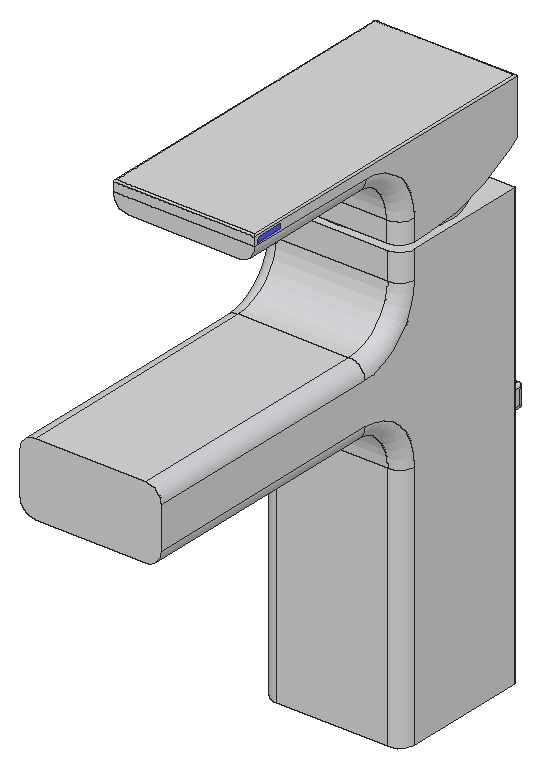
Revit family "Faucet-Lavatory-KOHLER-STRAYT-K-37327T_1", category Plumbing Fixtures, host Face, Revit 2017 (continued)
Definition of nested family "K-37327T"
  Lines and regions (in)
    symbolic lines, visible <- "K-37327T-4DPW", detail levels medium+fine
      curve 903: arc (0.07933, 0.74623, 0) -> (0.08524, 0.76071, 0) -> (0.07282, 0.77021, 0) r 0.01288
      curve 904: arc (-0.21073, 0.77021, 0) -> (-0.23228, 0.75078, 0) -> (-0.21517, 0.72734, 0) r 0.02167
      curve 905: arc (-0.28203, 0.7278, 0) -> (-0.27002, 0.75289, 0) -> (-0.29178, 0.77021, 0) r 0.02233
      curve 906: arc (-0.64142, 0.58618, 0) -> (-0.6296, 0.56937, 0) -> (-0.60905, 0.569, 0) r 0.02269
      curve 907: arc (-0.64018, 0.77021, 0) -> (-0.6583, 0.76193, 0) -> (-0.66392, 0.74282, 0) r 0.02399
      curve 908: arc (0.78156, 0.01873, 0) -> (0.77157, 0.03552, 0) -> (0.75205, 0.03475, 0) r 0.01911
      curve 909: arc (0.75899, -0.05721, 0) -> (0.77466, -0.05323, 0) -> (0.78156, -0.03861, 0) r 0.01895
      curve 910: arc (0.67187, -0.0173, 0) -> (0.66613, -0.03081, 0) -> (0.67651, -0.04118, 0) r 0.01312
      curve 911: arc (0.57141, -0.02076, 0) -> (0.58832, -0.02076, 0) -> (0.604, -0.01443, 0) r 0.04432
      curve 912: arc (0.47116, 0.01742, 0) -> (0.4845, 0.00107, 0) -> (0.50374, -0.00761, 0) r 0.04597
      curve 913: arc (0.72795, 0.06605, 0) -> (0.735, 0.08021, 0) -> (0.726, 0.09323, 0) r 0.01556
      curve 914: arc (0.38403, 0.25094, 0) -> (0.36887, 0.24815, 0) -> (0.36639, 0.23294, 0) r 0.01338
      curve 915: arc (0.35797, 0.05854, 0) -> (0.38618, 0.06476, 0) -> (0.39049, 0.09332, 0) r 0.0255
      curve 916: arc (0.23522, 0.12467, 0) -> (0.24401, 0.10904, 0) -> (0.25871, 0.09878, 0) r 0.0403
      curve 917: arc (0.30098, 0.27746, 0) -> (0.29155, 0.29056, 0) -> (0.27826, 0.29972, 0) r 0.04727
      curve 918: arc (0.19868, 0.33642, 0) -> (0.18241, 0.33412, 0) -> (0.1778, 0.31835, 0) r 0.01515
      curve 919: arc (0.16486, 0.13683, 0) -> (0.18075, 0.13965, 0) -> (0.1851, 0.1552, 0) r 0.01517
      curve 920: arc (0.018, 0.22294, 0) -> (0.00866, 0.20995, 0) -> (0.01746, 0.19659, 0) r 0.0141
      curve 921: arc (0.15855, 0.24478, 0) -> (0.1457, 0.2602, 0) -> (0.12567, 0.26146, 0) r 0.02538
      curve 922: arc (0.11239, 0.29853, 0) -> (0.12941, 0.31353, 0) -> (0.13147, 0.33613, 0) r 0.03068
      curve 923: arc (-0.05924, 0.3289, 0) -> (-0.05852, 0.27271, 0) -> (-0.00468, 0.25664, 0) r 0.04744
      curve 924: arc (0.09048, 0.47438, 0) -> (0.07223, 0.49054, 0) -> (0.04971, 0.48123, 0) r 0.02301
      curve 925: arc (-0.16932, 0.3808, 0) -> (-0.13366, 0.34255, 0) -> (-0.08471, 0.36096, 0) r 0.04699
      curve 926: arc (-0.10051, 0.22234, 0) -> (-0.08862, 0.23625, 0) -> (-0.09457, 0.25355, 0) r 0.01843
      curve 927: arc (-0.28387, 0.41964, 0) -> (-0.30403, 0.42479, 0) -> (-0.32008, 0.41154, 0) r 0.02297
      curve 928: arc (-0.25759, 0.44896, 0) -> (-0.23376, 0.44639, 0) -> (-0.22329, 0.46794, 0) r 0.02083
      curve 929: arc (0.08181, 0.59379, 0) -> (0.08438, 0.61431, 0) -> (0.0686, 0.62767, 0) r 0.02172
      curve 930: arc (-0.18466, 0.68073, 0) -> (-0.20623, 0.67457, 0) -> (-0.21337, 0.65331, 0) r 0.02408
      curve 931: arc (-0.25445, 0.66071, 0) -> (-0.26794, 0.67937, 0) -> (-0.29097, 0.67969, 0) r 0.02565
      curve 932: arc (-0.41333, 0.62027, 0) -> (-0.42373, 0.6059, 0) -> (-0.41751, 0.58928, 0) r 0.01877
      curve 933: arc (-0.34669, 0.44906, 0) -> (-0.34505, 0.46622, 0) -> (-0.35385, 0.48105, 0) r 0.0278
      curve 934: arc (-0.46062, 0.57473, 0) -> (-0.47807, 0.58268, 0) -> (-0.49701, 0.57964, 0) r 0.03319
      curve 935: arc (-0.61192, 0.52384, 0) -> (-0.62497, 0.51125, 0) -> (-0.62809, 0.49338, 0) r 0.02924
      curve 936: arc (-0.61009, 0.36804, 0) -> (-0.60413, 0.35354, 0) -> (-0.592, 0.3436, 0) r 0.03205
      curve 937: arc (-0.55138, 0.32451, 0) -> (-0.53554, 0.32052, 0) -> (-0.51935, 0.32276, 0) r 0.04276
      curve 938: arc (-0.39808, 0.36429, 0) -> (-0.38361, 0.37292, 0) -> (-0.37385, 0.38665, 0) r 0.04086
      curve 939: arc (-0.67928, 0.38461, 0) -> (-0.66166, 0.38636, 0) -> (-0.65484, 0.4027, 0) r 0.01727
      curve 940: arc (-0.78543, 0.45368, 0) -> (-0.78073, 0.43748, 0) -> (-0.76807, 0.42633, 0) r 0.03021
      curve 941: arc (-0.70492, 0.75133, 0) -> (-0.71229, 0.76483, 0) -> (-0.72671, 0.77021, 0) r 0.02202
      curve 942: arc (-0.76382, 0.77021, 0) -> (-0.7791, 0.76388, 0) -> (-0.78543, 0.74859, 0) r 0.02162
      curve 943: arc (-0.41406, 0.19555, 0) -> (-0.40515, 0.1439, 0) -> (-0.35421, 0.13156, 0) r 0.04773
      curve 944: arc (-0.55325, 0.04765, 0) -> (-0.53397, 0.04198, 0) -> (-0.51832, 0.05459, 0) r 0.02167
      curve 945: arc (-0.41761, 0.28607, 0) -> (-0.42068, 0.30428, 0) -> (-0.43858, 0.30881, 0) r 0.0169
      curve 946: arc (-0.69682, 0.22036, 0) -> (-0.70777, 0.20812, 0) -> (-0.70305, 0.19239, 0) r 0.0168
      curve 947: line (0.48979, -1.01349, 0) -> (0.30048, -0.8474, 0)
      curve 948: line (0.23014, -1.13548, 0) -> (0.48384, -1.0447, 0)
      curve 949: line (0.26427, -0.8555, 0) -> (0.17029, -1.07149, 0)
      curve 950: arc (0.48384, -1.0447, 0) -> (0.49573, -1.0308, 0) -> (0.48979, -1.01349, 0) r 0.01843
      curve 951: arc (0.30048, -0.8474, 0) -> (0.28032, -0.84225, 0) -> (0.26427, -0.8555, 0) r 0.02297
      curve 952: arc (0.17029, -1.07149, 0) -> (0.1792, -1.12314, 0) -> (0.23014, -1.13548, 0) r 0.04773
      curve 953: line (0.03268, -0.30942, 0) -> (-0.15662, -0.14332, 0)
      curve 954: line (-0.22696, -0.4314, 0) -> (0.02674, -0.34062, 0)
      curve 955: line (-0.19283, -0.15142, 0) -> (-0.28681, -0.36742, 0)
      curve 956: arc (0.02674, -0.34062, 0) -> (0.03863, -0.32672, 0) -> (0.03268, -0.30942, 0) r 0.01843
      curve 957: arc (-0.15662, -0.14332, 0) -> (-0.17678, -0.13817, 0) -> (-0.19283, -0.15142, 0) r 0.02297
      curve 958: arc (-0.28681, -0.36742, 0) -> (-0.2779, -0.41907, 0) -> (-0.22696, -0.4314, 0) r 0.04773
      curve 959: line (0.64507, -0.44574, 0) -> (0.45577, -0.27965, 0)
      curve 960: line (0.38543, -0.56773, 0) -> (0.63912, -0.47695, 0)
      curve 961: line (0.41955, -0.28775, 0) -> (0.32558, -0.50374, 0)
      curve 962: arc (0.63912, -0.47695, 0) -> (0.65102, -0.46304, 0) -> (0.64507, -0.44574, 0) r 0.01843
      curve 963: arc (0.45577, -0.27965, 0) -> (0.4356, -0.2745, 0) -> (0.41955, -0.28775, 0) r 0.02297
      curve 964: arc (0.32558, -0.50374, 0) -> (0.33449, -0.55539, 0) -> (0.38543, -0.56773, 0) r 0.04773
      curve 965: line (-0.44024, -0.67308, 0) -> (-0.62954, -0.50699, 0)
      curve 966: line (-0.69988, -0.79507, 0) -> (-0.44619, -0.70429, 0)
      curve 967: line (-0.66576, -0.51509, 0) -> (-0.75973, -0.73109, 0)
      curve 968: arc (-0.44619, -0.70429, 0) -> (-0.43429, -0.69039, 0) -> (-0.44024, -0.67308, 0) r 0.01843
      curve 969: arc (-0.62954, -0.50699, 0) -> (-0.64971, -0.50184, 0) -> (-0.66576, -0.51509, 0) r 0.02297
      curve 970: arc (-0.75973, -0.73109, 0) -> (-0.75082, -0.78274, 0) -> (-0.69988, -0.79507, 0) r 0.04773
      curve 971: line (0.65575, -0.9878, 0) -> (0.75573, -1.03391, 0)
      curve 972: line (0.78156, -1.01738, 0) -> (0.78156, -0.76283, 0)
      curve 973: line (0.75942, -0.75713, 0) -> (0.64697, -0.96104, 0)
      curve 974: arc (0.75573, -1.03391, 0) -> (0.77317, -1.03271, 0) -> (0.78156, -1.01738, 0) r 0.0182
      curve 975: arc (0.64697, -0.96104, 0) -> (0.64553, -0.97633, 0) -> (0.65575, -0.9878, 0) r 0.01924
      curve 976: arc (0.78156, -0.76283, 0) -> (0.7727, -0.7514, 0) -> (0.75942, -0.75713, 0) r 0.0118
      curve 977: line (0.62488, -0.78307, 0) -> (0.59732, -0.63135, 0)
      curve 978: line (0.4619, -0.79457, 0) -> (0.55589, -0.83791, 0)
      curve 979: line (0.40131, -0.63373, 0) -> (0.44225, -0.77186, 0)
      curve 980: line (0.5711, -0.60442, 0) -> (0.45617, -0.58034, 0)
      curve 981: arc (0.59732, -0.63135, 0) -> (0.58832, -0.61389, 0) -> (0.5711, -0.60442, 0) r 0.03366
      curve 982: arc (0.45617, -0.58034, 0) -> (0.43893, -0.58177, 0) -> (0.42528, -0.59238, 0) r 0.03032
      curve 983: arc (0.42528, -0.59238, 0) -> (0.41068, -0.61154, 0) -> (0.40131, -0.63373, 0) r 0.09602
      curve 984: arc (0.62488, -0.78307, 0) -> (0.59428, -0.81538, 0) -> (0.55589, -0.83791, 0) r 0.15851
      curve 985: arc (0.44225, -0.77186, 0) -> (0.44963, -0.78534, 0) -> (0.4619, -0.79457, 0) r 0.03639
      curve 986: line (-0.4937, -1.06331, 0) -> (-0.52126, -0.91159, 0)
      curve 987: line (-0.65668, -1.0748, 0) -> (-0.56269, -1.11815, 0)
      curve 988: line (-0.71727, -0.91397, 0) -> (-0.67633, -1.0521, 0)
      curve 989: line (-0.54747, -0.88466, 0) -> (-0.66241, -0.86058, 0)
      curve 990: arc (-0.52126, -0.91159, 0) -> (-0.53026, -0.89412, 0) -> (-0.54747, -0.88466, 0) r 0.03366
      curve 991: arc (-0.66241, -0.86058, 0) -> (-0.67965, -0.86201, 0) -> (-0.6933, -0.87262, 0) r 0.03032
      curve 992: arc (-0.6933, -0.87262, 0) -> (-0.7079, -0.89178, 0) -> (-0.71727, -0.91397, 0) r 0.09602
      curve 993: arc (-0.4937, -1.06331, 0) -> (-0.5243, -1.09562, 0) -> (-0.56269, -1.11815, 0) r 0.15851
      curve 994: arc (-0.67633, -1.0521, 0) -> (-0.66895, -1.06557, 0) -> (-0.65668, -1.0748, 0) r 0.03639
      curve 995: line (-0.14014, -0.70975, 0) -> (-0.16771, -0.55803, 0)
      curve 996: line (-0.30312, -0.72125, 0) -> (-0.20913, -0.7646, 0)
      curve 997: line (-0.36372, -0.56042, 0) -> (-0.32277, -0.69855, 0)
      curve 998: line (-0.19392, -0.53111, 0) -> (-0.30886, -0.50703, 0)
      curve 999: arc (-0.16771, -0.55803, 0) -> (-0.1767, -0.54057, 0) -> (-0.19392, -0.53111, 0) r 0.03366
      curve 1000: arc (-0.30886, -0.50703, 0) -> (-0.32609, -0.50846, 0) -> (-0.33974, -0.51907, 0) r 0.03032
      curve 1001: arc (-0.33974, -0.51907, 0) -> (-0.35435, -0.53823, 0) -> (-0.36372, -0.56042, 0) r 0.09602
      curve 1002: arc (-0.14014, -0.70975, 0) -> (-0.17075, -0.74207, 0) -> (-0.20913, -0.7646, 0) r 0.15851
      curve 1003: arc (-0.32277, -0.69855, 0) -> (-0.3154, -0.71202, 0) -> (-0.30312, -0.72125, 0) r 0.03639
      curve 1004: line (0.40613, -0.74493, 0) -> (0.3185, -0.6427, 0)
      curve 1005: line (0.27764, -0.66215, 0) -> (0.30493, -0.81235, 0)
      curve 1006: line (0.34257, -0.8265, 0) -> (0.40292, -0.77853, 0)
      curve 1007: arc (0.40292, -0.77853, 0) -> (0.41167, -0.76241, 0) -> (0.40613, -0.74493, 0) r 0.02344
      curve 1008: arc (0.30493, -0.81235, 0) -> (0.31974, -0.83009, 0) -> (0.34257, -0.8265, 0) r 0.02344
      curve 1009: arc (0.3185, -0.6427, 0) -> (0.29063, -0.6368, 0) -> (0.27764, -0.66215, 0) r 0.02344
      curve 1010: line (0.00346, -0.59837, 0) -> (-0.08417, -0.49615, 0)
      curve 1011: line (-0.12503, -0.51559, 0) -> (-0.09774, -0.66579, 0)
      curve 1012: line (-0.0601, -0.67994, 0) -> (0.00025, -0.63197, 0)
      curve 1013: arc (0.00025, -0.63197, 0) -> (0.009, -0.61585, 0) -> (0.00346, -0.59837, 0) r 0.02344
      curve 1014: arc (-0.09774, -0.66579, 0) -> (-0.08293, -0.68354, 0) -> (-0.0601, -0.67994, 0) r 0.02344
      curve 1015: arc (-0.08417, -0.49615, 0) -> (-0.11204, -0.49024, 0) -> (-0.12503, -0.51559, 0) r 0.02344
      curve 1016: line (-0.28085, -0.88268, 0) -> (-0.36849, -0.78046, 0)
      curve 1017: line (-0.40934, -0.7999, 0) -> (-0.38206, -0.9501, 0)
      curve 1018: line (-0.34441, -0.96426, 0) -> (-0.28406, -0.91628, 0)
      curve 1019: arc (-0.28406, -0.91628, 0) -> (-0.27531, -0.90016, 0) -> (-0.28085, -0.88268, 0) r 0.02344
      curve 1020: arc (-0.38206, -0.9501, 0) -> (-0.36725, -0.96785, 0) -> (-0.34441, -0.96426, 0) r 0.02344
      curve 1021: arc (-0.36849, -0.78046, 0) -> (-0.39635, -0.77455, 0) -> (-0.40934, -0.7999, 0) r 0.02344
      curve 1022: line (-0.44931, -0.41191, 0) -> (-0.53694, -0.30969, 0)
      curve 1023: line (-0.5778, -0.32914, 0) -> (-0.55051, -0.47933, 0)
      curve 1024: line (-0.51287, -0.49349, 0) -> (-0.45252, -0.44552, 0)
      curve 1025: arc (-0.45252, -0.44552, 0) -> (-0.44377, -0.4294, 0) -> (-0.44931, -0.41191, 0) r 0.02344
      curve 1026: arc (-0.55051, -0.47933, 0) -> (-0.5357, -0.49708, 0) -> (-0.51287, -0.49349, 0) r 0.02344
      curve 1027: arc (-0.53694, -0.30969, 0) -> (-0.56481, -0.30379, 0) -> (-0.5778, -0.32914, 0) r 0.02344
      curve 1028: line (-0.16117, 0.01316, 0) -> (-0.24881, 0.11538, 0)
      curve 1029: line (-0.28966, 0.09594, 0) -> (-0.26237, -0.05426, 0)
      curve 1030: line (-0.22473, -0.06842, 0) -> (-0.16438, -0.02044, 0)
      curve 1031: arc (-0.16438, -0.02044, 0) -> (-0.15563, -0.00432, 0) -> (-0.16117, 0.01316, 0) r 0.02344
      curve 1032: arc (-0.26237, -0.05426, 0) -> (-0.24756, -0.07201, 0) -> (-0.22473, -0.06842, 0) r 0.02344
      curve 1033: arc (-0.24881, 0.11538, 0) -> (-0.27667, 0.12129, 0) -> (-0.28966, 0.09594, 0) r 0.02344
      curve 1034: line (0.61815, -0.9629, 0) -> (0.53052, -0.86067, 0)
      curve 1035: line (0.48966, -0.88012, 0) -> (0.51695, -1.03032, 0)
      curve 1036: line (0.55459, -1.04447, 0) -> (0.61494, -0.9965, 0)
      curve 1037: arc (0.61494, -0.9965, 0) -> (0.62369, -0.98038, 0) -> (0.61815, -0.9629, 0) r 0.02344
      curve 1038: arc (0.51695, -1.03032, 0) -> (0.53176, -1.04806, 0) -> (0.55459, -1.04447, 0) r 0.02344
      curve 1039: arc (0.53052, -0.86067, 0) -> (0.50265, -0.85477, 0) -> (0.48966, -0.88012, 0) r 0.02344
      curve 1040: line (0.65575, -0.36266, 0) -> (0.75573, -0.40876, 0)
      curve 1041: line (0.78156, -0.39224, 0) -> (0.78156, -0.13768, 0)
      curve 1042: line (0.75942, -0.13199, 0) -> (0.64697, -0.3359, 0)
      curve 1043: arc (0.75573, -0.40876, 0) -> (0.77317, -0.40757, 0) -> (0.78156, -0.39224, 0) r 0.0182
      curve 1044: arc (0.64697, -0.3359, 0) -> (0.64553, -0.35119, 0) -> (0.65575, -0.36266, 0) r 0.01924
      curve 1045: arc (0.78156, -0.13768, 0) -> (0.7727, -0.12626, 0) -> (0.75942, -0.13199, 0) r 0.0118
      curve 1046: line (-0.62197, 0.07188, 0) -> (-0.72195, 0.11799, 0)
      curve 1047: line (-0.74777, 0.10146, 0) -> (-0.74777, -0.15309, 0)
      curve 1048: line (-0.72564, -0.15879, 0) -> (-0.61318, 0.04512, 0)
      curve 1049: arc (-0.72195, 0.11799, 0) -> (-0.73938, 0.11679, 0) -> (-0.74777, 0.10146, 0) r 0.0182
      curve 1050: arc (-0.61318, 0.04512, 0) -> (-0.61175, 0.06041, 0) -> (-0.62197, 0.07188, 0) r 0.01924
      curve 1051: arc (-0.74777, -0.15309, 0) -> (-0.73891, -0.16452, 0) -> (-0.72564, -0.15879, 0) r 0.0118
      curve 1052: line (-0.65741, -0.29653, 0) -> (-0.75739, -0.25042, 0)
      curve 1053: line (-0.78321, -0.26695, 0) -> (-0.78321, -0.5215, 0)
      curve 1054: line (-0.76107, -0.5272, 0) -> (-0.64862, -0.32329, 0)
      curve 1055: arc (-0.75739, -0.25042, 0) -> (-0.77482, -0.25162, 0) -> (-0.78321, -0.26695, 0) r 0.0182
      curve 1056: arc (-0.64862, -0.32329, 0) -> (-0.64719, -0.308, 0) -> (-0.65741, -0.29653, 0) r 0.01924
      curve 1057: arc (-0.78321, -0.5215, 0) -> (-0.77435, -0.53293, 0) -> (-0.76107, -0.5272, 0) r 0.0118
      curve 1058: line (0.299, 0.02472, 0) -> (-0.04297, 0.18243, 0)
      curve 1059: line (0.177, -0.08293, 0) -> (0.30096, -0.00245, 0)
      curve 1060: line (-0.0606, 0.16444, 0) -> (0.04416, -0.05108, 0)
      curve 1061: line (0.07674, -0.07611, 0) -> (0.14441, -0.08926, 0)
      curve 1062: arc (0.14441, -0.08926, 0) -> (0.16132, -0.08926, 0) -> (0.177, -0.08293, 0) r 0.04432
      curve 1063: arc (0.04416, -0.05108, 0) -> (0.0575, -0.06744, 0) -> (0.07674, -0.07611, 0) r 0.04597
      curve 1064: arc (0.30096, -0.00245, 0) -> (0.308, 0.01171, 0) -> (0.299, 0.02472, 0) r 0.01556
      curve 1065: arc (-0.04297, 0.18243, 0) -> (-0.05813, 0.17965, 0) -> (-0.0606, 0.16444, 0) r 0.01338
      curve 1066: line (0.29841, -0.49889, 0) -> (0.04052, -0.37995, 0)
      curve 1067: line (0.1764, -0.60654, 0) -> (0.30036, -0.52606, 0)
      curve 1068: line (-0.02072, -0.44245, 0) -> (0.04357, -0.57469, 0)
      curve 1069: line (0.07614, -0.59972, 0) -> (0.14382, -0.61287, 0)
      curve 1070: arc (0.14382, -0.61287, 0) -> (0.16073, -0.61287, 0) -> (0.1764, -0.60654, 0) r 0.04432
      curve 1071: arc (0.04357, -0.57469, 0) -> (0.0569, -0.59105, 0) -> (0.07614, -0.59972, 0) r 0.04597
      curve 1072: arc (0.30036, -0.52606, 0) -> (0.30741, -0.5119, 0) -> (0.29841, -0.49889, 0) r 0.01556
      curve 1073: arc (0.04052, -0.37995, 0) -> (-0.01212, -0.38962, 0) -> (-0.02072, -0.44245, 0) r 0.04646
      curve 1074: line (-0.29453, -0.10689, 0) -> (-0.57106, 0.02064, 0)
      curve 1075: line (-0.41654, -0.21454, 0) -> (-0.29258, -0.13407, 0)
      curve 1076: line (-0.62263, -0.03199, 0) -> (-0.54937, -0.1827, 0)
      curve 1077: line (-0.51679, -0.20773, 0) -> (-0.44912, -0.22088, 0)
      curve 1078: arc (-0.44912, -0.22088, 0) -> (-0.43221, -0.22088, 0) -> (-0.41654, -0.21454, 0) r 0.04432
      curve 1079: arc (-0.54937, -0.1827, 0) -> (-0.53603, -0.19905, 0) -> (-0.51679, -0.20773, 0) r 0.04597
      curve 1080: arc (-0.29258, -0.13407, 0) -> (-0.28553, -0.1199, 0) -> (-0.29453, -0.10689, 0) r 0.01556
      curve 1081: arc (-0.57106, 0.02064, 0) -> (-0.61539, 0.01249, 0) -> (-0.62263, -0.03199, 0) r 0.03912
      curve 1082: line (0.12401, -0.96701, 0) -> (-0.21795, -0.8093, 0)
      curve 1083: line (0.00201, -1.07466, 0) -> (0.12597, -0.99419, 0)
      curve 1084: line (-0.23559, -0.8273, 0) -> (-0.13082, -1.04282, 0)
      curve 1085: line (-0.09825, -1.06785, 0) -> (-0.03057, -1.081, 0)
      curve 1086: arc (-0.03057, -1.081, 0) -> (-0.01367, -1.081, 0) -> (0.00201, -1.07466, 0) r 0.04432
      curve 1087: arc (-0.13082, -1.04282, 0) -> (-0.11749, -1.05917, 0) -> (-0.09825, -1.06785, 0) r 0.04597
      curve 1088: arc (0.12597, -0.99419, 0) -> (0.13302, -0.98002, 0) -> (0.12401, -0.96701, 0) r 0.01556
      curve 1089: arc (-0.21795, -0.8093, 0) -> (-0.23311, -0.81208, 0) -> (-0.23559, -0.8273, 0) r 0.01338
      curve 1090: line (-0.00257, -0.14506, 0) -> (-0.02912, -0.05547, 0)
      curve 1091: line (-0.17021, -0.10367, 0) -> (-0.02281, -0.16343, 0)
      curve 1092: line (-0.062, -0.03879, 0) -> (-0.16966, -0.07732, 0)
      curve 1093: arc (-0.02281, -0.16343, 0) -> (-0.00692, -0.1606, 0) -> (-0.00257, -0.14506, 0) r 0.01517
      curve 1094: arc (-0.16966, -0.07732, 0) -> (-0.17901, -0.09031, 0) -> (-0.17021, -0.10367, 0) r 0.0141
      curve 1095: arc (-0.02912, -0.05547, 0) -> (-0.04197, -0.04006, 0) -> (-0.062, -0.03879, 0) r 0.02538
      curve 1096: line (-0.31182, -0.0205, 0) -> (-0.33838, 0.06909, 0)
      curve 1097: line (-0.47947, 0.02089, 0) -> (-0.33207, -0.03887, 0)
      curve 1098: line (-0.37126, 0.08577, 0) -> (-0.47892, 0.04724, 0)
      curve 1099: arc (-0.33207, -0.03887, 0) -> (-0.31617, -0.03604, 0) -> (-0.31182, -0.0205, 0) r 0.01517
      curve 1100: arc (-0.47892, 0.04724, 0) -> (-0.48827, 0.03425, 0) -> (-0.47947, 0.02089, 0) r 0.0141
      curve 1101: arc (-0.33838, 0.06909, 0) -> (-0.35123, 0.0845, 0) -> (-0.37126, 0.08577, 0) r 0.02538
      curve 1102: line (-0.11, 0.15591, 0) -> (-0.06256, 0.05832, 0)
      curve 1103: line (-0.06379, 0.02364, 0) -> (-0.08249, -0.00875, 0)
      curve 1104: line (-0.11192, -0.01093, 0) -> (-0.20127, 0.10146, 0)
      curve 1105: line (-0.19419, 0.13866, 0) -> (-0.14541, 0.16678, 0)
      curve 1106: arc (-0.14541, 0.16678, 0) -> (-0.12534, 0.16905, 0) -> (-0.11, 0.15591, 0) r 0.02532
      curve 1107: arc (-0.06256, 0.05832, 0) -> (-0.05886, 0.04082, 0) -> (-0.06379, 0.02364, 0) r 0.03701
      curve 1108: arc (-0.08249, -0.00875, 0) -> (-0.09663, -0.01763, 0) -> (-0.11192, -0.01093, 0) r 0.01785
      curve 1109: arc (-0.20127, 0.10146, 0) -> (-0.20625, 0.12168, 0) -> (-0.19419, 0.13866, 0) r 0.02499
      curve 1110: line (0.26083, -0.32021, 0) -> (0.23327, -0.16849, 0)
      curve 1111: line (0.09785, -0.33171, 0) -> (0.19184, -0.37506, 0)
      curve 1112: line (0.03725, -0.17088, 0) -> (0.0782, -0.30901, 0)
      curve 1113: line (0.20705, -0.14157, 0) -> (0.09211, -0.11749, 0)
      curve 1114: arc (0.23327, -0.16849, 0) -> (0.22427, -0.15103, 0) -> (0.20705, -0.14157, 0) r 0.03366
      curve 1115: arc (0.09211, -0.11749, 0) -> (0.07488, -0.11892, 0) -> (0.06123, -0.12953, 0) r 0.03032
      curve 1116: arc (0.06123, -0.12953, 0) -> (0.04663, -0.14869, 0) -> (0.03725, -0.17088, 0) r 0.09602
      curve 1117: arc (0.26083, -0.32021, 0) -> (0.23022, -0.35253, 0) -> (0.19184, -0.37506, 0) r 0.15851
      curve 1118: arc (0.0782, -0.30901, 0) -> (0.08557, -0.32248, 0) -> (0.09785, -0.33171, 0) r 0.03639
      curve 1119: line (-0.30246, -0.34824, 0) -> (-0.32826, -0.26119, 0)
      curve 1120: line (-0.46644, -0.30834, 0) -> (-0.3227, -0.36661, 0)
      curve 1121: line (-0.36114, -0.2445, 0) -> (-0.46589, -0.28199, 0)
      curve 1122: arc (-0.3227, -0.36661, 0) -> (-0.30681, -0.36379, 0) -> (-0.30246, -0.34824, 0) r 0.01517
      curve 1123: arc (-0.46589, -0.28199, 0) -> (-0.47524, -0.29498, 0) -> (-0.46644, -0.30834, 0) r 0.0141
      curve 1124: arc (-0.32826, -0.26119, 0) -> (-0.34111, -0.24577, 0) -> (-0.36114, -0.2445, 0) r 0.02538
      curve 1125: line (0.2476, -0.75685, 0) -> (0.22104, -0.66727, 0)
      curve 1126: line (0.07995, -0.71547, 0) -> (0.22736, -0.77522, 0)
      curve 1127: line (0.18816, -0.65059, 0) -> (0.0805, -0.68911, 0)
      curve 1128: arc (0.22736, -0.77522, 0) -> (0.24325, -0.7724, 0) -> (0.2476, -0.75685, 0) r 0.01517
      curve 1129: arc (0.0805, -0.68911, 0) -> (0.07115, -0.7021, 0) -> (0.07995, -0.71547, 0) r 0.0141
      curve 1130: arc (0.22104, -0.66727, 0) -> (0.20819, -0.65185, 0) -> (0.18816, -0.65059, 0) r 0.02538
      curve 1131: line (0.04349, -0.82989, 0) -> (0.01693, -0.74031, 0)
      curve 1132: line (-0.12416, -0.7885, 0) -> (0.02324, -0.84826, 0)
      curve 1133: line (-0.01595, -0.72363, 0) -> (-0.12361, -0.76215, 0)
      curve 1134: arc (0.02324, -0.84826, 0) -> (0.03914, -0.84544, 0) -> (0.04349, -0.82989, 0) r 0.01517
      curve 1135: arc (-0.12361, -0.76215, 0) -> (-0.13296, -0.77514, 0) -> (-0.12416, -0.7885, 0) r 0.0141
      curve 1136: arc (0.01693, -0.74031, 0) -> (0.00408, -0.72489, 0) -> (-0.01595, -0.72363, 0) r 0.02538
      curve 1137: line (0.34835, -0.03248, 0) -> (0.4005, -0.20841, 0)
      curve 1138: line (0.55158, -0.23806, 0) -> (0.47152, -0.07338, 0)
      curve 1139: line (0.44881, -0.05112, 0) -> (0.36922, -0.01442, 0)
      curve 1140: line (0.42399, -0.2343, 0) -> (0.51906, -0.27284, 0)
      curve 1141: arc (0.51906, -0.27284, 0) -> (0.54727, -0.26662, 0) -> (0.55158, -0.23806, 0) r 0.0255
      curve 1142: arc (0.4005, -0.20841, 0) -> (0.40929, -0.22403, 0) -> (0.42399, -0.2343, 0) r 0.0403
      curve 1143: arc (0.47152, -0.07338, 0) -> (0.46209, -0.06028, 0) -> (0.44881, -0.05112, 0) r 0.04727
      curve 1144: arc (0.36922, -0.01442, 0) -> (0.35296, -0.01672, 0) -> (0.34835, -0.03248, 0) r 0.01515
      curve 1145: line (0.67832, -0.17223, 0) -> (0.59068, -0.07001, 0)
      curve 1146: line (0.54983, -0.08945, 0) -> (0.57712, -0.23965, 0)
      curve 1147: line (0.61476, -0.25381, 0) -> (0.67511, -0.20583, 0)
      curve 1148: arc (0.67511, -0.20583, 0) -> (0.68386, -0.18971, 0) -> (0.67832, -0.17223, 0) r 0.02344
      curve 1149: arc (0.57712, -0.23965, 0) -> (0.59193, -0.2574, 0) -> (0.61476, -0.25381, 0) r 0.02344
      curve 1150: arc (0.59068, -0.07001, 0) -> (0.56282, -0.0641, 0) -> (0.54983, -0.08945, 0) r 0.02344
      curve 1151: line (0.30282, -0.29932, 0) -> (0.37278, -0.23739, 0)
      curve 1152: line (0.26948, -0.12989, 0) -> (0.27761, -0.28874, 0)
      curve 1153: line (0.37401, -0.20055, 0) -> (0.29359, -0.11925, 0)
      curve 1154: arc (0.27761, -0.28874, 0) -> (0.28689, -0.30195, 0) -> (0.30282, -0.29932, 0) r 0.01517
      curve 1155: arc (0.29359, -0.11925, 0) -> (0.27787, -0.11627, 0) -> (0.26948, -0.12989, 0) r 0.0141
      curve 1156: arc (0.37278, -0.23739, 0) -> (0.38133, -0.21923, 0) -> (0.37401, -0.20055, 0) r 0.02538
      curve 1157: line (0.75205, -0.47631, 0) -> (0.67187, -0.52837, 0)
      curve 1158: line (0.78156, -0.54967, 0) -> (0.78156, -0.49234, 0)
      curve 1159: line (0.67651, -0.55225, 0) -> (0.75899, -0.56828, 0)
      curve 1160: arc (0.78156, -0.49234, 0) -> (0.77157, -0.47555, 0) -> (0.75205, -0.47631, 0) r 0.01911
      curve 1161: arc (0.75899, -0.56828, 0) -> (0.77466, -0.5643, 0) -> (0.78156, -0.54967, 0) r 0.01895
      curve 1162: arc (0.67187, -0.52837, 0) -> (0.66613, -0.54187, 0) -> (0.67651, -0.55225, 0) r 0.01312
      curve 1163: line (0.75205, -0.59298, 0) -> (0.65234, -0.65771, 0)
      curve 1164: line (0.78156, -0.68281, 0) -> (0.78156, -0.609, 0)
      curve 1165: line (0.65698, -0.68159, 0) -> (0.75899, -0.70142, 0)
      curve 1166: arc (0.78156, -0.609, 0) -> (0.77157, -0.59221, 0) -> (0.75205, -0.59298, 0) r 0.01911
      curve 1167: arc (0.75899, -0.70142, 0) -> (0.77466, -0.69744, 0) -> (0.78156, -0.68281, 0) r 0.01895
      curve 1168: arc (0.65234, -0.65771, 0) -> (0.6466, -0.67122, 0) -> (0.65698, -0.68159, 0) r 0.01312
      curve 1169: line (0.55815, -2.97277, 0) -> (0.76037, -2.94876, 0)
      curve 1170: line (0.78156, -2.96758, 0) -> (0.78156, -3.09965, 0)
      curve 1171: line (0.7605, -3.12071, 0) -> (0.6676, -3.12071, 0)
      curve 1172: line (0.63917, -3.10734, 0) -> (0.54823, -2.99759, 0)
      curve 1173: arc (0.78156, -3.09965, 0) -> (0.77539, -3.11454, 0) -> (0.7605, -3.12071, 0) r 0.02106
      curve 1174: arc (0.76037, -2.94876, 0) -> (0.77519, -2.95341, 0) -> (0.78156, -2.96758, 0) r 0.01895
      curve 1175: arc (0.6676, -3.12071, 0) -> (0.65189, -3.1172, 0) -> (0.63917, -3.10734, 0) r 0.03693
      curve 1176: arc (0.54823, -2.99759, 0) -> (0.54582, -2.98223, 0) -> (0.55815, -2.97277, 0) r 0.01521
      curve 1177: line (0.76567, -2.90756, 0) -> (0.49774, -2.93937, 0)
      curve 1178: line (0.68909, -2.7183, 0) -> (0.77907, -2.88146, 0)
      curve 1179: line (0.48514, -2.91577, 0) -> (0.65724, -2.71503, 0)
      curve 1180: line (0.48903, -2.98642, 0) -> (0.58028, -3.09655, 0)
      curve 1181: line (0.32906, -3.09783, 0) -> (0.41727, -2.99494, 0)
      curve 1182: line (0.56892, -3.12071, 0) -> (0.33958, -3.12071, 0)
      curve 1183: arc (0.58028, -3.09655, 0) -> (0.58227, -3.11223, 0) -> (0.56892, -3.12071, 0) r 0.01475
      curve 1184: arc (0.48903, -2.98642, 0) -> (0.45251, -2.98532, 0) -> (0.41727, -2.99494, 0) r 0.12356
      curve 1185: arc (0.33958, -3.12071, 0) -> (0.32699, -3.11264, 0) -> (0.32906, -3.09783, 0) r 0.01386
      curve 1186: arc (0.49774, -2.93937, 0) -> (0.48338, -2.93187, 0) -> (0.48514, -2.91577, 0) r 0.01436
      curve 1187: arc (0.77907, -2.88146, 0) -> (0.77932, -2.89808, 0) -> (0.76567, -2.90756, 0) r 0.01768
      curve 1188: arc (0.65724, -2.71503, 0) -> (0.67402, -2.70833, 0) -> (0.68909, -2.7183, 0) r 0.01948
      curve 1189: line (0.65575, -2.51947, 0) -> (0.75573, -2.47336, 0)
      curve 1190: line (0.726, -2.44372, 0) -> (0.38403, -2.60143, 0)
      curve 1191: line (0.3433, -2.66357, 0) -> (0.58303, -2.55301, 0)
      curve 1192: line (0.64727, -2.66617, 0) -> (0.51791, -2.81706, 0)
      curve 1193: line (0.61077, -2.56213, 0) -> (0.65055, -2.63425, 0)
      curve 1194: line (0.78156, -2.48989, 0) -> (0.78156, -2.74444, 0)
      curve 1195: line (0.75942, -2.75014, 0) -> (0.64697, -2.54623, 0)
      curve 1196: line (0.48564, -2.82014, 0) -> (0.33853, -2.7032, 0)
      curve 1197: line (0.46178, -2.88253, 0) -> (0.37415, -2.98475, 0)
      curve 1198: line (0.3333, -2.96531, 0) -> (0.36058, -2.81511, 0)
      curve 1199: line (0.39823, -2.80095, 0) -> (0.45858, -2.84893, 0)
      curve 1200: line (0.33135, -2.75575, 0) -> (0.30379, -2.90747, 0)
      curve 1201: line (0.16837, -2.74425, 0) -> (0.26236, -2.7009, 0)
      curve 1202: line (0.10777, -2.90508, 0) -> (0.14872, -2.76695, 0)
      curve 1203: line (0.27757, -2.9344, 0) -> (0.16263, -2.95847, 0)
      curve 1204: line (0.13147, -2.68663, 0) -> (0.09048, -2.82488, 0)
      curve 1205: line (-0.00468, -2.60713, 0) -> (0.11239, -2.64902, 0)
      curve 1206: line (0.04971, -2.83173, 0) -> (-0.05924, -2.67939, 0)
      curve 1207: line (-0.08471, -2.71146, 0) -> (0.08181, -2.94428, 0)
      curve 1208: line (-0.21337, -3.00381, 0) -> (-0.16932, -2.7313, 0)
      curve 1209: line (0.0686, -2.97817, 0) -> (-0.18466, -3.03122, 0)
      curve 1210: line (0.09485, -3.01289, 0) -> (0.26059, -2.97818, 0)
      curve 1211: line (0.28638, -3.00329, 0) -> (0.26692, -3.11044, 0)
      curve 1212: line (0.21847, -3.13268, 0) -> (0.0878, -3.05605, 0)
      curve 1213: line (0.07282, -3.12071, 0) -> (-0.21073, -3.12071, 0)
      curve 1214: line (0.00603, -3.05374, 0) -> (0.07933, -3.09673, 0)
      curve 1215: line (-0.21517, -3.07784, 0) -> (-0.05362, -3.044, 0)
      curve 1216: line (-0.60905, -2.91949, 0) -> (-0.28203, -3.07829, 0)
      curve 1217: line (-0.66392, -3.09331, 0) -> (-0.64142, -2.93668, 0)
      curve 1218: line (-0.29178, -3.12071, 0) -> (-0.64018, -3.12071, 0)
      curve 1219: line (-0.29097, -3.03018, 0) -> (-0.41333, -2.97077, 0)
      curve 1220: line (-0.22329, -2.81844, 0) -> (-0.25445, -3.0112, 0)
      curve 1221: line (-0.41751, -2.93978, 0) -> (-0.25759, -2.79946, 0)
      curve 1222: line (-0.35385, -2.83154, 0) -> (-0.46062, -2.92523, 0)
      curve 1223: line (-0.49701, -2.93014, 0) -> (-0.61192, -2.87434, 0)
      curve 1224: line (-0.65484, -2.75319, 0) -> (-0.70492, -3.10182, 0)
      curve 1225: line (-0.72671, -3.12071, 0) -> (-0.76382, -3.12071, 0)
      curve 1226: line (-0.78543, -3.09909, 0) -> (-0.78543, -2.80417, 0)
      curve 1227: line (-0.76807, -2.77683, 0) -> (-0.67928, -2.73511, 0)
      curve 1228: line (-0.62809, -2.84387, 0) -> (-0.61009, -2.71854, 0)
      curve 1229: line (-0.51935, -2.67326, 0) -> (-0.39808, -2.71479, 0)
      curve 1230: line (-0.37385, -2.73714, 0) -> (-0.34669, -2.79956, 0)
      curve 1231: line (-0.592, -2.69409, 0) -> (-0.55138, -2.67501, 0)
      curve 1232: line (-0.09457, -2.60404, 0) -> (-0.28387, -2.77014, 0)
      curve 1233: line (-0.35421, -2.48206, 0) -> (-0.10051, -2.57284, 0)
      curve 1234: line (-0.32008, -2.76204, 0) -> (-0.41406, -2.54604, 0)
      curve 1235: line (-0.51832, -2.40509, 0) -> (-0.41761, -2.63657, 0)
      curve 1236: line (-0.43858, -2.6593, 0) -> (-0.69682, -2.57086, 0)
      curve 1237: line (-0.70305, -2.54289, 0) -> (-0.55325, -2.39815, 0)
      curve 1238: line (0.1851, -2.50569, 0) -> (0.15855, -2.59528, 0)
      curve 1239: line (0.01746, -2.54708, 0) -> (0.16486, -2.48732, 0)
      curve 1240: line (0.12567, -2.61196, 0) -> (0.018, -2.57343, 0)
      curve 1241: line (0.1778, -2.66885, 0) -> (0.23522, -2.47517, 0)
      curve 1242: line (0.39049, -2.44382, 0) -> (0.30098, -2.62796, 0)
      curve 1243: line (0.27826, -2.65021, 0) -> (0.19868, -2.68692, 0)
      curve 1244: line (0.25871, -2.44928, 0) -> (0.35797, -2.40903, 0)
      curve 1245: line (0.604, -2.33607, 0) -> (0.72795, -2.41655, 0)
      curve 1246: line (0.36639, -2.58344, 0) -> (0.47116, -2.36792, 0)
      curve 1247: line (0.50374, -2.34289, 0) -> (0.57141, -2.32974, 0)
      curve 1248: line (0.75205, -2.38525, 0) -> (0.67187, -2.33319, 0)
      curve 1249: line (0.78156, -2.31189, 0) -> (0.78156, -2.36922, 0)
      curve 1250: line (0.67651, -2.30931, 0) -> (0.75899, -2.29328, 0)
      curve 1251: arc (0.75573, -2.47336, 0) -> (0.77317, -2.47456, 0) -> (0.78156, -2.48989, 0) r 0.0182
      curve 1252: arc (0.64697, -2.54623, 0) -> (0.64553, -2.53094, 0) -> (0.65575, -2.51947, 0) r 0.01924
      curve 1253: arc (0.78156, -2.74444, 0) -> (0.7727, -2.75587, 0) -> (0.75942, -2.75014, 0) r 0.0118
      curve 1254: arc (0.65055, -2.63425, 0) -> (0.6539, -2.65073, 0) -> (0.64727, -2.66617, 0) r 0.02815
      curve 1255: arc (0.58303, -2.55301, 0) -> (0.59869, -2.55211, 0) -> (0.61077, -2.56213, 0) r 0.02143
      curve 1256: arc (0.51791, -2.81706, 0) -> (0.50239, -2.82511, 0) -> (0.48564, -2.82014, 0) r 0.02336
      curve 1257: arc (0.33853, -2.7032, 0) -> (0.32985, -2.68206, 0) -> (0.3433, -2.66357, 0) r 0.02344
      curve 1258: arc (0.45858, -2.84893, 0) -> (0.46732, -2.86505, 0) -> (0.46178, -2.88253, 0) r 0.02344
      curve 1259: arc (0.36058, -2.81511, 0) -> (0.37539, -2.79736, 0) -> (0.39823, -2.80095, 0) r 0.02344
      curve 1260: arc (0.37415, -2.98475, 0) -> (0.34628, -2.99066, 0) -> (0.3333, -2.96531, 0) r 0.02344
      curve 1261: arc (0.30379, -2.90747, 0) -> (0.29479, -2.92493, 0) -> (0.27757, -2.9344, 0) r 0.03366
      curve 1262: arc (0.16263, -2.95847, 0) -> (0.1454, -2.95705, 0) -> (0.13175, -2.94643, 0) r 0.03032
      curve 1263: arc (0.13175, -2.94643, 0) -> (0.11715, -2.92727, 0) -> (0.10777, -2.90508, 0) r 0.09602
      curve 1264: arc (0.33135, -2.75575, 0) -> (0.30074, -2.72343, 0) -> (0.26236, -2.7009, 0) r 0.15851
      curve 1265: arc (0.14872, -2.76695, 0) -> (0.15609, -2.75348, 0) -> (0.16837, -2.74425, 0) r 0.03639
      curve 1266: arc (0.26059, -2.97818, 0) -> (0.28017, -2.98387, 0) -> (0.28638, -3.00329, 0) r 0.02169
      curve 1267: arc (0.0878, -3.05605, 0) -> (0.07653, -3.03206, 0) -> (0.09485, -3.01289, 0) r 0.02344
      curve 1268: arc (0.26692, -3.11044, 0) -> (0.24849, -3.13418, 0) -> (0.21847, -3.13268, 0) r 0.03252
      curve 1269: arc (-0.05362, -3.044, 0) -> (-0.02289, -3.04331, 0) -> (0.00603, -3.05374, 0) r 0.08392
      curve 1270: arc (0.07933, -3.09673, 0) -> (0.08524, -3.11121, 0) -> (0.07282, -3.12071, 0) r 0.01288
      curve 1271: arc (-0.21073, -3.12071, 0) -> (-0.23228, -3.10127, 0) -> (-0.21517, -3.07784, 0) r 0.02167
      curve 1272: arc (-0.28203, -3.07829, 0) -> (-0.27002, -3.10338, 0) -> (-0.29178, -3.12071, 0) r 0.02233
      curve 1273: arc (-0.64142, -2.93668, 0) -> (-0.6296, -2.91986, 0) -> (-0.60905, -2.91949, 0) r 0.02269
      curve 1274: arc (-0.64018, -3.12071, 0) -> (-0.6583, -3.11243, 0) -> (-0.66392, -3.09331, 0) r 0.02399
      curve 1275: arc (0.78156, -2.36922, 0) -> (0.77157, -2.38601, 0) -> (0.75205, -2.38525, 0) r 0.01911
      curve 1276: arc (0.75899, -2.29328, 0) -> (0.77466, -2.29726, 0) -> (0.78156, -2.31189, 0) r 0.01895
      curve 1277: arc (0.67187, -2.33319, 0) -> (0.66613, -2.31969, 0) -> (0.67651, -2.30931, 0) r 0.01312
      curve 1278: arc (0.57141, -2.32974, 0) -> (0.58832, -2.32974, 0) -> (0.604, -2.33607, 0) r 0.04432
      curve 1279: arc (0.47116, -2.36792, 0) -> (0.4845, -2.35156, 0) -> (0.50374, -2.34289, 0) r 0.04597
      curve 1280: arc (0.72795, -2.41655, 0) -> (0.735, -2.43071, 0) -> (0.726, -2.44372, 0) r 0.01556
      curve 1281: arc (0.38403, -2.60143, 0) -> (0.36887, -2.59865, 0) -> (0.36639, -2.58344, 0) r 0.01338
      curve 1282: arc (0.35797, -2.40903, 0) -> (0.38618, -2.41525, 0) -> (0.39049, -2.44382, 0) r 0.0255
      curve 1283: arc (0.23522, -2.47517, 0) -> (0.24401, -2.45954, 0) -> (0.25871, -2.44928, 0) r 0.0403
      curve 1284: arc (0.30098, -2.62796, 0) -> (0.29155, -2.64105, 0) -> (0.27826, -2.65021, 0) r 0.04727
      curve 1285: arc (0.19868, -2.68692, 0) -> (0.18241, -2.68461, 0) -> (0.1778, -2.66885, 0) r 0.01515
      curve 1286: arc (0.16486, -2.48732, 0) -> (0.18075, -2.49015, 0) -> (0.1851, -2.50569, 0) r 0.01517
      curve 1287: arc (0.018, -2.57343, 0) -> (0.00866, -2.56045, 0) -> (0.01746, -2.54708, 0) r 0.0141
      curve 1288: arc (0.15855, -2.59528, 0) -> (0.1457, -2.6107, 0) -> (0.12567, -2.61196, 0) r 0.02538
      curve 1289: arc (0.11239, -2.64902, 0) -> (0.12941, -2.66403, 0) -> (0.13147, -2.68663, 0) r 0.03068
      curve 1290: arc (-0.05924, -2.67939, 0) -> (-0.05852, -2.62321, 0) -> (-0.00468, -2.60713, 0) r 0.04744
      curve 1291: arc (0.09048, -2.82488, 0) -> (0.07223, -2.84103, 0) -> (0.04971, -2.83173, 0) r 0.02301
      curve 1292: arc (-0.16932, -2.7313, 0) -> (-0.13366, -2.69305, 0) -> (-0.08471, -2.71146, 0) r 0.04699
      curve 1293: arc (-0.10051, -2.57284, 0) -> (-0.08862, -2.58674, 0) -> (-0.09457, -2.60404, 0) r 0.01843
      curve 1294: arc (-0.28387, -2.77014, 0) -> (-0.30403, -2.77529, 0) -> (-0.32008, -2.76204, 0) r 0.02297
      curve 1295: arc (-0.25759, -2.79946, 0) -> (-0.23376, -2.79689, 0) -> (-0.22329, -2.81844, 0) r 0.02083
      curve 1296: arc (0.08181, -2.94428, 0) -> (0.08438, -2.9648, 0) -> (0.0686, -2.97817, 0) r 0.02172
      curve 1297: arc (-0.18466, -3.03122, 0) -> (-0.20623, -3.02507, 0) -> (-0.21337, -3.00381, 0) r 0.02408
      curve 1298: arc (-0.25445, -3.0112, 0) -> (-0.26794, -3.02987, 0) -> (-0.29097, -3.03018, 0) r 0.02565
      curve 1299: arc (-0.41333, -2.97077, 0) -> (-0.42373, -2.95639, 0) -> (-0.41751, -2.93978, 0) r 0.01877
      curve 1300: arc (-0.34669, -2.79956, 0) -> (-0.34505, -2.81672, 0) -> (-0.35385, -2.83154, 0) r 0.0278
      curve 1301: arc (-0.46062, -2.92523, 0) -> (-0.47807, -2.93317, 0) -> (-0.49701, -2.93014, 0) r 0.03319
      curve 1302: arc (-0.61192, -2.87434, 0) -> (-0.62497, -2.86174, 0) -> (-0.62809, -2.84387, 0) r 0.02924
      curve 1303: arc (-0.61009, -2.71854, 0) -> (-0.60413, -2.70403, 0) -> (-0.592, -2.69409, 0) r 0.03205
      curve 1304: arc (-0.55138, -2.67501, 0) -> (-0.53554, -2.67101, 0) -> (-0.51935, -2.67326, 0) r 0.04276
      curve 1305: arc (-0.39808, -2.71479, 0) -> (-0.38361, -2.72342, 0) -> (-0.37385, -2.73714, 0) r 0.04086
      curve 1306: arc (-0.67928, -2.73511, 0) -> (-0.66166, -2.73685, 0) -> (-0.65484, -2.75319, 0) r 0.01727
      curve 1307: arc (-0.78543, -2.80417, 0) -> (-0.78073, -2.78798, 0) -> (-0.76807, -2.77683, 0) r 0.03021
      curve 1308: arc (-0.70492, -3.10182, 0) -> (-0.71229, -3.11533, 0) -> (-0.72671, -3.12071, 0) r 0.02202
      curve 1309: arc (-0.76382, -3.12071, 0) -> (-0.7791, -3.11438, 0) -> (-0.78543, -3.09909, 0) r 0.02162
      curve 1310: arc (-0.41406, -2.54604, 0) -> (-0.40515, -2.49439, 0) -> (-0.35421, -2.48206, 0) r 0.04773
      curve 1311: arc (-0.55325, -2.39815, 0) -> (-0.53397, -2.39248, 0) -> (-0.51832, -2.40509, 0) r 0.02167
      curve 1312: arc (-0.41761, -2.63657, 0) -> (-0.42068, -2.65477, 0) -> (-0.43858, -2.6593, 0) r 0.0169
      curve 1313: arc (-0.69682, -2.57086, 0) -> (-0.70777, -2.55862, 0) -> (-0.70305, -2.54289, 0) r 0.0168
      curve 1314: line (0.48979, -1.337, 0) -> (0.30048, -1.5031, 0)
      curve 1315: line (0.23014, -1.21502, 0) -> (0.48384, -1.3058, 0)
      curve 1316: line (0.26427, -1.495, 0) -> (0.17029, -1.279, 0)
      curve 1317: arc (0.48384, -1.3058, 0) -> (0.49573, -1.3197, 0) -> (0.48979, -1.337, 0) r 0.01843
      curve 1318: arc (0.30048, -1.5031, 0) -> (0.28032, -1.50825, 0) -> (0.26427, -1.495, 0) r 0.02297
      curve 1319: arc (0.17029, -1.279, 0) -> (0.1792, -1.22735, 0) -> (0.23014, -1.21502, 0) r 0.04773
      curve 1320: line (0.03268, -2.04108, 0) -> (-0.15662, -2.20718, 0)
      curve 1321: line (-0.22696, -1.91909, 0) -> (0.02674, -2.00987, 0)
      curve 1322: line (-0.19283, -2.19907, 0) -> (-0.28681, -1.98308, 0)
      curve 1323: arc (0.02674, -2.00987, 0) -> (0.03863, -2.02378, 0) -> (0.03268, -2.04108, 0) r 0.01843
      curve 1324: arc (-0.15662, -2.20718, 0) -> (-0.17678, -2.21233, 0) -> (-0.19283, -2.19907, 0) r 0.02297
      curve 1325: arc (-0.28681, -1.98308, 0) -> (-0.2779, -1.93143, 0) -> (-0.22696, -1.91909, 0) r 0.04773
      curve 1326: line (0.64507, -1.90475, 0) -> (0.45577, -2.07085, 0)
      curve 1327: line (0.38543, -1.78277, 0) -> (0.63912, -1.87355, 0)
      curve 1328: line (0.41955, -2.06275, 0) -> (0.32558, -1.84675, 0)
      curve 1329: arc (0.63912, -1.87355, 0) -> (0.65102, -1.88745, 0) -> (0.64507, -1.90475, 0) r 0.01843
      curve 1330: arc (0.45577, -2.07085, 0) -> (0.4356, -2.076, 0) -> (0.41955, -2.06275, 0) r 0.02297
      curve 1331: arc (0.32558, -1.84675, 0) -> (0.33449, -1.7951, 0) -> (0.38543, -1.78277, 0) r 0.04773
      curve 1332: line (-0.44024, -1.67741, 0) -> (-0.62954, -1.84351, 0)
      curve 1333: line (-0.69988, -1.55543, 0) -> (-0.44619, -1.64621, 0)
      curve 1334: line (-0.66576, -1.83541, 0) -> (-0.75973, -1.61941, 0)
      curve 1335: arc (-0.44619, -1.64621, 0) -> (-0.43429, -1.66011, 0) -> (-0.44024, -1.67741, 0) r 0.01843
      curve 1336: arc (-0.62954, -1.84351, 0) -> (-0.64971, -1.84866, 0) -> (-0.66576, -1.83541, 0) r 0.02297
      curve 1337: arc (-0.75973, -1.61941, 0) -> (-0.75082, -1.56776, 0) -> (-0.69988, -1.55543, 0) r 0.04773
      curve 1338: line (0.65575, -1.3627, 0) -> (0.75573, -1.31659, 0)
      curve 1339: line (0.78156, -1.33312, 0) -> (0.78156, -1.58767, 0)
      curve 1340: line (0.75942, -1.59337, 0) -> (0.64697, -1.38946, 0)
      curve 1341: arc (0.75573, -1.31659, 0) -> (0.77317, -1.31779, 0) -> (0.78156, -1.33312, 0) r 0.0182
      curve 1342: arc (0.64697, -1.38946, 0) -> (0.64553, -1.37417, 0) -> (0.65575, -1.3627, 0) r 0.01924
      curve 1343: arc (0.78156, -1.58767, 0) -> (0.7727, -1.5991, 0) -> (0.75942, -1.59337, 0) r 0.0118
      curve 1344: line (0.62488, -1.56743, 0) -> (0.59732, -1.71915, 0)
      curve 1345: line (0.4619, -1.55593, 0) -> (0.55589, -1.51258, 0)
      curve 1346: line (0.40131, -1.71676, 0) -> (0.44225, -1.57863, 0)
      curve 1347: line (0.5711, -1.74607, 0) -> (0.45617, -1.77015, 0)
      curve 1348: arc (0.59732, -1.71915, 0) -> (0.58832, -1.73661, 0) -> (0.5711, -1.74607, 0) r 0.03366
      curve 1349: arc (0.45617, -1.77015, 0) -> (0.43893, -1.76872, 0) -> (0.42528, -1.75811, 0) r 0.03032
      curve 1350: arc (0.42528, -1.75811, 0) -> (0.41068, -1.73895, 0) -> (0.40131, -1.71676, 0) r 0.09602
      curve 1351: arc (0.62488, -1.56743, 0) -> (0.59428, -1.53511, 0) -> (0.55589, -1.51258, 0) r 0.15851
      curve 1352: arc (0.44225, -1.57863, 0) -> (0.44963, -1.56516, 0) -> (0.4619, -1.55593, 0) r 0.03639
      curve 1353: line (-0.4937, -1.28719, 0) -> (-0.52126, -1.43891, 0)
      curve 1354: line (-0.65668, -1.27569, 0) -> (-0.56269, -1.23234, 0)
      curve 1355: line (-0.71727, -1.43652, 0) -> (-0.67633, -1.29839, 0)
      curve 1356: line (-0.54747, -1.46584, 0) -> (-0.66241, -1.48991, 0)
      curve 1357: arc (-0.52126, -1.43891, 0) -> (-0.53026, -1.45637, 0) -> (-0.54747, -1.46584, 0) r 0.03366
      curve 1358: arc (-0.66241, -1.48991, 0) -> (-0.67965, -1.48849, 0) -> (-0.6933, -1.47787, 0) r 0.03032
      curve 1359: arc (-0.6933, -1.47787, 0) -> (-0.7079, -1.45871, 0) -> (-0.71727, -1.43652, 0) r 0.09602
      curve 1360: arc (-0.4937, -1.28719, 0) -> (-0.5243, -1.25487, 0) -> (-0.56269, -1.23234, 0) r 0.15851
      curve 1361: arc (-0.67633, -1.29839, 0) -> (-0.66895, -1.28492, 0) -> (-0.65668, -1.27569, 0) r 0.03639
      curve 1362: line (-0.14014, -1.64074, 0) -> (-0.16771, -1.79246, 0)
      curve 1363: line (-0.30312, -1.62925, 0) -> (-0.20913, -1.5859, 0)
      curve 1364: line (-0.36372, -1.79008, 0) -> (-0.32277, -1.65195, 0)
      curve 1365: line (-0.19392, -1.81939, 0) -> (-0.30886, -1.84347, 0)
      curve 1366: arc (-0.16771, -1.79246, 0) -> (-0.1767, -1.80993, 0) -> (-0.19392, -1.81939, 0) r 0.03366
      curve 1367: arc (-0.30886, -1.84347, 0) -> (-0.32609, -1.84204, 0) -> (-0.33974, -1.83143, 0) r 0.03032
      curve 1368: arc (-0.33974, -1.83143, 0) -> (-0.35435, -1.81227, 0) -> (-0.36372, -1.79008, 0) r 0.09602
      curve 1369: arc (-0.14014, -1.64074, 0) -> (-0.17075, -1.60843, 0) -> (-0.20913, -1.5859, 0) r 0.15851
      curve 1370: arc (-0.32277, -1.65195, 0) -> (-0.3154, -1.63848, 0) -> (-0.30312, -1.62925, 0) r 0.03639
      curve 1371: line (0.40613, -1.60557, 0) -> (0.3185, -1.70779, 0)
      curve 1372: line (0.27764, -1.68835, 0) -> (0.30493, -1.53815, 0)
      curve 1373: line (0.34257, -1.52399, 0) -> (0.40292, -1.57197, 0)
      curve 1374: arc (0.40292, -1.57197, 0) -> (0.41167, -1.58809, 0) -> (0.40613, -1.60557, 0) r 0.02344
      curve 1375: arc (0.30493, -1.53815, 0) -> (0.31974, -1.5204, 0) -> (0.34257, -1.52399, 0) r 0.02344
      curve 1376: arc (0.3185, -1.70779, 0) -> (0.29063, -1.7137, 0) -> (0.27764, -1.68835, 0) r 0.02344
      curve 1377: line (0.00346, -1.75213, 0) -> (-0.08417, -1.85435, 0)
      curve 1378: line (-0.12503, -1.83491, 0) -> (-0.09774, -1.68471, 0)
      curve 1379: line (-0.0601, -1.67055, 0) -> (0.00025, -1.71853, 0)
      curve 1380: arc (0.00025, -1.71853, 0) -> (0.009, -1.73465, 0) -> (0.00346, -1.75213, 0) r 0.02344
      curve 1381: arc (-0.09774, -1.68471, 0) -> (-0.08293, -1.66696, 0) -> (-0.0601, -1.67055, 0) r 0.02344
      curve 1382: arc (-0.08417, -1.85435, 0) -> (-0.11204, -1.86026, 0) -> (-0.12503, -1.83491, 0) r 0.02344
      curve 1383: line (-0.28085, -1.46781, 0) -> (-0.36849, -1.57003, 0)
      curve 1384: line (-0.40934, -1.55059, 0) -> (-0.38206, -1.40039, 0)
      curve 1385: line (-0.34441, -1.38624, 0) -> (-0.28406, -1.43421, 0)
      curve 1386: arc (-0.28406, -1.43421, 0) -> (-0.27531, -1.45033, 0) -> (-0.28085, -1.46781, 0) r 0.02344
      curve 1387: arc (-0.38206, -1.40039, 0) -> (-0.36725, -1.38265, 0) -> (-0.34441, -1.38624, 0) r 0.02344
      curve 1388: arc (-0.36849, -1.57003, 0) -> (-0.39635, -1.57594, 0) -> (-0.40934, -1.55059, 0) r 0.02344
      curve 1389: line (-0.44931, -1.93858, 0) -> (-0.53694, -2.0408, 0)
      curve 1390: line (-0.5778, -2.02136, 0) -> (-0.55051, -1.87116, 0)
      curve 1391: line (-0.51287, -1.857, 0) -> (-0.45252, -1.90498, 0)
      curve 1392: arc (-0.45252, -1.90498, 0) -> (-0.44377, -1.9211, 0) -> (-0.44931, -1.93858, 0) r 0.02344
      curve 1393: arc (-0.55051, -1.87116, 0) -> (-0.5357, -1.85341, 0) -> (-0.51287, -1.857, 0) r 0.02344
      curve 1394: arc (-0.53694, -2.0408, 0) -> (-0.56481, -2.04671, 0) -> (-0.5778, -2.02136, 0) r 0.02344
      curve 1395: line (-0.16117, -2.36365, 0) -> (-0.24881, -2.46588, 0)
      curve 1396: line (-0.28966, -2.44643, 0) -> (-0.26237, -2.29623, 0)
      curve 1397: line (-0.22473, -2.28208, 0) -> (-0.16438, -2.33005, 0)
      curve 1398: arc (-0.16438, -2.33005, 0) -> (-0.15563, -2.34617, 0) -> (-0.16117, -2.36365, 0) r 0.02344
      curve 1399: arc (-0.26237, -2.29623, 0) -> (-0.24756, -2.27849, 0) -> (-0.22473, -2.28208, 0) r 0.02344
      curve 1400: arc (-0.24881, -2.46588, 0) -> (-0.27667, -2.47178, 0) -> (-0.28966, -2.44643, 0) r 0.02344
      curve 1401: line (0.61815, -1.3876, 0) -> (0.53052, -1.48982, 0)
      curve 1402: line (0.48966, -1.47038, 0) -> (0.51695, -1.32018, 0)
      curve 1403: line (0.55459, -1.30602, 0) -> (0.61494, -1.354, 0)
      curve 1404: arc (0.61494, -1.354, 0) -> (0.62369, -1.37012, 0) -> (0.61815, -1.3876, 0) r 0.02344
      curve 1405: arc (0.51695, -1.32018, 0) -> (0.53176, -1.30243, 0) -> (0.55459, -1.30602, 0) r 0.02344
      curve 1406: arc (0.53052, -1.48982, 0) -> (0.50265, -1.49573, 0) -> (0.48966, -1.47038, 0) r 0.02344
      curve 1407: line (0.65575, -1.98784, 0) -> (0.75573, -1.94173, 0)
      curve 1408: line (0.78156, -1.95826, 0) -> (0.78156, -2.21281, 0)
      curve 1409: line (0.75942, -2.21851, 0) -> (0.64697, -2.0146, 0)
      curve 1410: arc (0.75573, -1.94173, 0) -> (0.77317, -1.94293, 0) -> (0.78156, -1.95826, 0) r 0.0182
      curve 1411: arc (0.64697, -2.0146, 0) -> (0.64553, -1.99931, 0) -> (0.65575, -1.98784, 0) r 0.01924
      curve 1412: arc (0.78156, -2.21281, 0) -> (0.7727, -2.22424, 0) -> (0.75942, -2.21851, 0) r 0.0118
      curve 1413: line (-0.62197, -2.42238, 0) -> (-0.72195, -2.46849, 0)
      curve 1414: line (-0.74777, -2.45196, 0) -> (-0.74777, -2.19741, 0)
      curve 1415: line (-0.72564, -2.19171, 0) -> (-0.61318, -2.39562, 0)
      curve 1416: arc (-0.72195, -2.46849, 0) -> (-0.73938, -2.46729, 0) -> (-0.74777, -2.45196, 0) r 0.0182
      curve 1417: arc (-0.61318, -2.39562, 0) -> (-0.61175, -2.41091, 0) -> (-0.62197, -2.42238, 0) r 0.01924
      curve 1418: arc (-0.74777, -2.19741, 0) -> (-0.73891, -2.18598, 0) -> (-0.72564, -2.19171, 0) r 0.0118
      curve 1419: line (-0.65741, -2.05396, 0) -> (-0.75739, -2.10007, 0)
      curve 1420: line (-0.78321, -2.08354, 0) -> (-0.78321, -1.82899, 0)
      curve 1421: line (-0.76107, -1.82329, 0) -> (-0.64862, -2.0272, 0)
      curve 1422: arc (-0.75739, -2.10007, 0) -> (-0.77482, -2.09887, 0) -> (-0.78321, -2.08354, 0) r 0.0182
      curve 1423: arc (-0.64862, -2.0272, 0) -> (-0.64719, -2.0425, 0) -> (-0.65741, -2.05396, 0) r 0.01924
      curve 1424: arc (-0.78321, -1.82899, 0) -> (-0.77435, -1.81756, 0) -> (-0.76107, -1.82329, 0) r 0.0118
      curve 1425: line (0.299, -2.37522, 0) -> (-0.04297, -2.53293, 0)
      curve 1426: line (0.177, -2.26756, 0) -> (0.30096, -2.34804, 0)
      curve 1427: line (-0.0606, -2.51493, 0) -> (0.04416, -2.29941, 0)
      curve 1428: line (0.07674, -2.27438, 0) -> (0.14441, -2.26123, 0)
      curve 1429: arc (0.14441, -2.26123, 0) -> (0.16132, -2.26123, 0) -> (0.177, -2.26756, 0) r 0.04432
      curve 1430: arc (0.04416, -2.29941, 0) -> (0.0575, -2.28306, 0) -> (0.07674, -2.27438, 0) r 0.04597
      curve 1431: arc (0.30096, -2.34804, 0) -> (0.308, -2.36221, 0) -> (0.299, -2.37522, 0) r 0.01556
      curve 1432: arc (-0.04297, -2.53293, 0) -> (-0.05813, -2.53015, 0) -> (-0.0606, -2.51493, 0) r 0.01338
      curve 1433: line (0.29841, -1.85161, 0) -> (0.04052, -1.97054, 0)
      curve 1434: line (0.1764, -1.74396, 0) -> (0.30036, -1.82443, 0)
      curve 1435: line (-0.02072, -1.90805, 0) -> (0.04357, -1.7758, 0)
      curve 1436: line (0.07614, -1.75077, 0) -> (0.14382, -1.73762, 0)
      curve 1437: arc (0.14382, -1.73762, 0) -> (0.16073, -1.73762, 0) -> (0.1764, -1.74396, 0) r 0.04432
      curve 1438: arc (0.04357, -1.7758, 0) -> (0.0569, -1.75945, 0) -> (0.07614, -1.75077, 0) r 0.04597
      curve 1439: arc (0.30036, -1.82443, 0) -> (0.30741, -1.8386, 0) -> (0.29841, -1.85161, 0) r 0.01556
      curve 1440: arc (0.04052, -1.97054, 0) -> (-0.01212, -1.96087, 0) -> (-0.02072, -1.90805, 0) r 0.04646
      curve 1441: line (-0.29453, -2.2436, 0) -> (-0.57106, -2.37114, 0)
      curve 1442: line (-0.41654, -2.13595, 0) -> (-0.29258, -2.21643, 0)
      curve 1443: line (-0.62263, -2.31851, 0) -> (-0.54937, -2.1678, 0)
      curve 1444: line (-0.51679, -2.14277, 0) -> (-0.44912, -2.12962, 0)
      curve 1445: arc (-0.44912, -2.12962, 0) -> (-0.43221, -2.12962, 0) -> (-0.41654, -2.13595, 0) r 0.04432
      curve 1446: arc (-0.54937, -2.1678, 0) -> (-0.53603, -2.15144, 0) -> (-0.51679, -2.14277, 0) r 0.04597
      curve 1447: arc (-0.29258, -2.21643, 0) -> (-0.28553, -2.23059, 0) -> (-0.29453, -2.2436, 0) r 0.01556
      curve 1448: arc (-0.57106, -2.37114, 0) -> (-0.61539, -2.36299, 0) -> (-0.62263, -2.31851, 0) r 0.03912
      curve 1449: line (0.12401, -1.38348, 0) -> (-0.21795, -1.5412, 0)
      curve 1450: line (0.00201, -1.27583, 0) -> (0.12597, -1.35631, 0)
      curve 1451: line (-0.23559, -1.5232, 0) -> (-0.13082, -1.30768, 0)
      curve 1452: line (-0.09825, -1.28265, 0) -> (-0.03057, -1.2695, 0)
      curve 1453: arc (-0.03057, -1.2695, 0) -> (-0.01367, -1.2695, 0) -> (0.00201, -1.27583, 0) r 0.04432
      curve 1454: arc (-0.13082, -1.30768, 0) -> (-0.11749, -1.29132, 0) -> (-0.09825, -1.28265, 0) r 0.04597
      curve 1455: arc (0.12597, -1.35631, 0) -> (0.13302, -1.37047, 0) -> (0.12401, -1.38348, 0) r 0.01556
      curve 1456: arc (-0.21795, -1.5412, 0) -> (-0.23311, -1.53841, 0) -> (-0.23559, -1.5232, 0) r 0.01338
      curve 1457: line (-0.00257, -2.20544, 0) -> (-0.02912, -2.29502, 0)
      curve 1458: line (-0.17021, -2.24683, 0) -> (-0.02281, -2.18707, 0)
      curve 1459: line (-0.062, -2.3117, 0) -> (-0.16966, -2.27318, 0)
      curve 1460: arc (-0.02281, -2.18707, 0) -> (-0.00692, -2.18989, 0) -> (-0.00257, -2.20544, 0) r 0.01517
